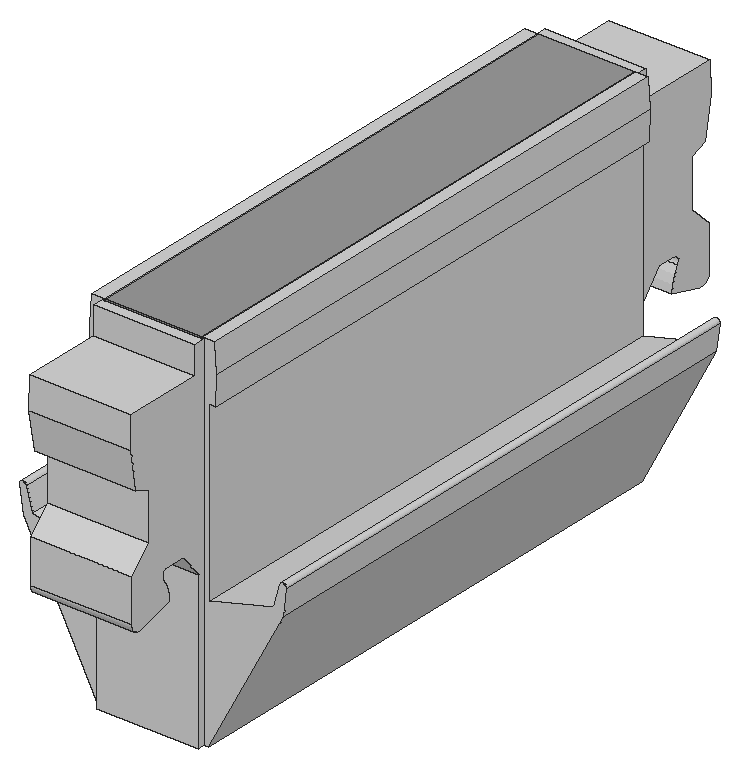
Revit family "CC4_BEAM CC W 0.375_1870375", category Generic Models, Revit 2018
Family settings
  Can host rebar = No
  Round Connector Dimension = Use Diameter
  Part Type = Normal
  OmniClass Number = 35.51.14.00
  OmniClass Title = FORMWORK
  Work Plane-Based = Yes
  Always vertical = No
  Cut with Voids When Loaded = No
  Shared = Yes
  Room Calculation Point = No
Parameters
  VERSION = "20190101"  # constant formula
  URL = "www.ulmaconstruction.com/en"
  UNICLASS = ""
  ITEM_CODE = "1870375"
  Manufacturer = "ULMA CONSTRUCTION"  # constant formula
  FILTER [instance] = ""
  Default Elevation = 0.000 mm
  CLASSIFICATION_TITLE = ""
  CLASSIFICATION_NUMBER = ""
Reference planes
  plane 1 "Centro (Frontal/Posterior)": y = 0
  plane 2: z = 0
  plane 3 "Centro (Izquierda/Derecha)": x = 0
  plane 4 "ITEM_LENGTH": y = 375
  plane 5 "01": y = 70
  plane 6 "02": y = 305
Forms (mm)
  Extrusion 1, solid, material "ULMA ZINC", detail levels fine
    sketch origin (0, 0, 0) x (1, 0, 0) y (0, 0, 1)
      loop
        line (-21, -21) -> (-26.845, -21) -> (-27.5, -33.498) -> (-27.282, -45.996) -> (-24.5, -45.996) -> (-24.5, -122.603) -> (-52.5, -115.1) -> (-55.064, -105.531)
        arc (-55.064, -105.531) -> (-56.805, -104.448) -> (-58, -106.115) r 1.5
        line (-58, -106.115) -> (-56.512, -117.419) -> (-24, -179.5) -> (24, -179.5) -> (56.512, -117.419) -> (58, -106.115)
        arc (58, -106.115) -> (56.805, -104.448) -> (55.064, -105.531) r 1.5
        line (55.064, -105.531) -> (52.5, -115.1) -> (24.5, -122.603) -> (24.5, -45.996) -> (27.282, -45.996) -> (27.5, -33.498) -> (26.845, -21) -> (21, -21) -> (21, -72) -> (-21, -72) -> (-21, -21)
    from -305 to -70
  Extrusion 2, solid, material "ULMA POLYPROPYLENE BLACK", detail levels medium+fine
    sketch origin (0, 0, 0) x (1, 0, 0) y (0, 0, 1)
      loop
        line (-21, -21) -> (-21, -72) -> (21, -72) -> (21, -21) -> (-21, -21)
    from -305 to -70
  Extrusion 3, solid, material "ULMA ZINC", detail levels fine
    sketch origin (0, 0, 0) x (0, 1, 0) y (0, 0, 1)
      loop
        line (70, -21.55) -> (65, -21.55) -> (65, -33.55) -> (30.241, -33.55) -> (30, -47.35) -> (33, -64.35) -> (40, -66.85) -> (40, -87.55) -> (30.844, -96.706) -> (30.844, -115.701)
        arc (30.844, -115.701) -> (32.409, -118.875) -> (35.88, -119.565) r 4
        line (35.88, -119.565) -> (51.009, -115.511)
        arc (51.009, -115.511) -> (50.156, -110.233) -> (47.791, -105.438) r 18.004
        arc (47.791, -105.438) -> (47.629, -102.853) -> (49.844, -101.511) r 2.5
        line (49.844, -101.511) -> (58.24, -101.511) -> (67, -111.951) -> (67, -179.45) -> (70, -179.45) -> (70, -21.55)
    from -22 to 22
  Extrusion 4, solid, material "ULMA ZINC", detail levels fine
    sketch origin (0, 0, 0) x (0, 1, 0) y (0, 0, 1)
      loop
        line (305, -21.55) -> (305, -179.45) -> (308, -179.45) -> (308, -111.951) -> (316.76, -101.511) -> (325.156, -101.511)
        arc (325.156, -101.511) -> (327.371, -102.853) -> (327.209, -105.438) r 2.5
        arc (327.209, -105.438) -> (324.844, -110.233) -> (323.991, -115.511) r 18.004
        line (323.991, -115.511) -> (339.12, -119.565)
        arc (339.12, -119.565) -> (342.591, -118.875) -> (344.156, -115.701) r 4
        line (344.156, -115.701) -> (344.156, -96.706) -> (335, -87.55) -> (335, -66.85) -> (342, -64.35) -> (345, -47.35) -> (344.759, -33.55) -> (310, -33.55) -> (310, -21.55) -> (305, -21.55)
    from -22 to 22
  Extrusion 5, solid, material "ULMA ZINC", detail levels medium
    sketch origin (0, 0, 0) x (1, 0, 0) y (0, 0, 1)
      loop
        line (-21, -21) -> (-58, -21) -> (-58, -179.5) -> (58, -179.5) -> (58, -21) -> (21, -21) -> (21, -72) -> (-21, -72) -> (-21, -21)
    from -305 to -70
  Extrusion 6, solid, material "ULMA ZINC", detail levels medium
    sketch origin (0, 0, 0) x (0, 1, 0) y (0, 0, 1)
      loop
        line (70, -33.55) -> (35, -33.55) -> (35, -118.55) -> (70, -118.55) -> (70, -33.55)
    from -22 to 22
  Extrusion 7, solid, material "ULMA ZINC", detail levels medium
    sketch origin (0, 0, 0) x (0, 1, 0) y (0, 0, 1)
      loop
        line (305, -33.55) -> (305, -118.55) -> (340, -118.55) -> (340, -33.55) -> (305, -33.55)
    from -22 to 22
Lines and regions (mm)
  model lines, style "ULMA BEAM CC W", detail levels coarse
    curve 1: line (0, 285, 0) -> (0, 90, 0)
    curve 2: line (-58, 250, 0) -> (-58, 125, 0)
    curve 3: line (58, 250, 0) -> (58, 125, 0)
Dimensions and locks
  plane 1 "Centro (Frontal/Posterior)" to plane 4 "ITEM_LENGTH" = 375.000 mm
  locked: plane 1 "Centro (Frontal/Posterior)" to plane 5 "01" at 70
  locked: plane 6 "02" to plane 4 "ITEM_LENGTH" at 70
  locked: plane 4 "ITEM_LENGTH" to plane 1 "Centro (Frontal/Posterior)" at 375
  aligned and locked: level to plane 2
  aligned and locked: Extrusion 1 to plane 6 "02"
  aligned and locked: Extrusion 2 to plane 6 "02"
  aligned and locked: Extrusion 1 to plane 5 "01"
  aligned and locked: Extrusion 2 to plane 5 "01"
  aligned and locked: Extrusion 5 to plane 6 "02"
  aligned and locked: Extrusion 5 to plane 5 "01"
